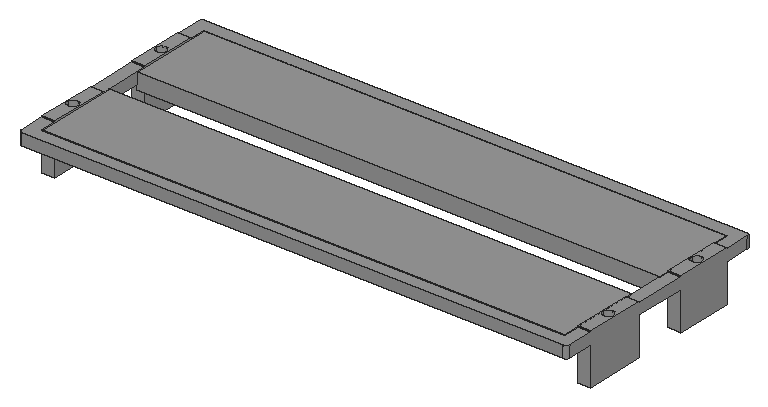
Revit family "Building-SurfaceMountingEnclosures-GEWISS-46-PANELS_MSS", category Attrezzatura elettrica, Revit 2016
Family settings
  Configurazione quadro = Due colonne, circuiti in orizzontale
  Tipo di parte = Pannello comandi
  Quota connettore circolare = Usa diametro
  Numero OmniClass = 23.80.30.11.17
  Titolo OmniClass = Distribution Boards and Control Panels
  Basato su piano di lavoro = Sì
  Sempre verticale = No
  Taglio con vuoti quando caricato = No
  Condiviso = No
  Punto di calcolo locali = Sì
Parameters (values of type "GW46579F - KIT MSS 250 FOR BOARDS SIZE 7")
  Version file RFA = "18.0"
  URL = "https://www.gewiss.com/ww/en"
  Technical sheet = "https://www.gewiss.com/ww/en/search?q=GW46579F"
  Suitable for: = "46QP - 46QM - 46QX"
  SEO = "MCCB kit"
  Realized by GEWISS S.p.A. = ""
  Default Elevation = 1219.2 mm
  Produttore = "GEWISS S.p.A."
  Pannello = GEWISS - GRIGIO RAL 7035
  Offset pannello [instance] = 100 mm
  Modello = "GW46579F"
  Mains Type = ""
  Lunghezza pannello = 718 mm
  Spessore pannello = 15 mm  # constant formula
  Immagine tipo = GW46579F.jpg
  IFC.TypeObject = ""
  IFC.ExportType = ""
  IFC.ExportAs = ""
  IDT = "c0baf993-042a-42f3-b3ec-fa4fad58d9fa"
  IDF = "64129155-c4d3-403a-96f6-fc40d4388d86"
  Height = "2 Modules"
  H_pannello = 300 mm  # constant formula
  H_da terra [instance] = 140.83 mm
  GEWISS SCHEDA TECNICA = "http://pro.gewiss.com/irj/portal/?NavigationTarget=pcd:portal_content/com.gewiss.ZPPFDMain/com.gewiss.ZPPFDITMain/com.gewiss.ZPPFDITMainDefault/com.gewiss.ZPPFDITPages/com.gewiss.ZPPFDITPagesAP/com.gewiss.ZPPFDITPagesAPCatalogo/com.gewiss.ZPPPDITAPProductDetail&codProd=GW46579F"
  For standard boards (mm) = "800"
  Equipment fixing = "on plate"
  Electrocod = "0303"
  EAN code = "8011564284449"
  Disconnector Type = "MSS 250"
  Descrizione = "KIT MSS 250 FOR BOARDS SIZE 7"
  Colour = "Grey RAL 7035"
  Catalogue Range = "46 QP"
  Catalogue = "BUILDING"
  COBie.Tagnumber = ""
  COBie.CreatedOn = ""
  COBie.CreatebBy = ""
  COBie.ComponentRegisterItemID = ""
  COBie.Component.TagNumber = ""
  COBie.Component.Space = ""
  COBie.Component.SerialNumber = ""
  COBie.Component.InstallationDate = ""
  COBie.Component.Description = ""
  COBie.Component.BarCode = ""
  Accessories supplied = "Fixing accessories"
Types (3, lengths in mm): name | Technical sheet | Offset pannello | Modello | Lunghezza pannello | Immagine tipo | IDT | GEWISS SCHEDA TECNICA | For standard boards (mm) | EAN code | Descrizione
  GW46577F - KIT MSS 250 FOR BOARDS SIZE 5 | "https://www.gewiss.com/ww/en/search?q=GW46577F" | 379.83 | "GW46577F" | 466 | GW46577F.jpg | "fe802041-dfee-42bf-882c-c1cc0511c87c" | "http://pro.gewiss.com/irj/portal/?NavigationTarget=pcd:portal_content/com.gewiss.ZPPFDMain/com.gewiss.ZPPFDITMain/com.gewiss.ZPPFDITMainDefault/com.gewiss.ZPPFDITPages/com.gewiss.ZPPFDITPagesAP/com.gewiss.ZPPFDITPagesAPCatalogo/com.gewiss.ZPPPDITAPProductDetail&codProd=GW46577F" | "515" | "8011564284425" | "KIT MSS 250 FOR BOARDS SIZE 5"
  GW46578F - KIT MSS 250 FOR BOARDS SIZE 6 | "https://www.gewiss.com/ww/en/search?q=GW46578F" | 379.83 | "GW46578F" | 538 | GW46578F.jpg | "17fff974-71ac-4595-84ff-3c51ccbd2653" | "http://pro.gewiss.com/irj/portal/?NavigationTarget=pcd:portal_content/com.gewiss.ZPPFDMain/com.gewiss.ZPPFDITMain/com.gewiss.ZPPFDITMainDefault/com.gewiss.ZPPFDITPages/com.gewiss.ZPPFDITPagesAP/com.gewiss.ZPPFDITPagesAPCatalogo/com.gewiss.ZPPPDITAPProductDetail&codProd=GW46578F" | "585" | "8011564284432" | "KIT MSS 250 FOR BOARDS SIZE 6"
  GW46579F - KIT MSS 250 FOR BOARDS SIZE 7 | "https://www.gewiss.com/ww/en/search?q=GW46579F" | 100 | "GW46579F" | 718 | GW46579F.jpg | "c0baf993-042a-42f3-b3ec-fa4fad58d9fa" | "http://pro.gewiss.com/irj/portal/?NavigationTarget=pcd:portal_content/com.gewiss.ZPPFDMain/com.gewiss.ZPPFDITMain/com.gewiss.ZPPFDITMainDefault/com.gewiss.ZPPFDITPages/com.gewiss.ZPPFDITPagesAP/com.gewiss.ZPPFDITPagesAPCatalogo/com.gewiss.ZPPPDITAPProductDetail&codProd=GW46579F" | "800" | "8011564284449" | "KIT MSS 250 FOR BOARDS SIZE 7"
Reference planes
  plane 1 "Centro (Fronte/Retro)": z = 371.33
  plane 2: z = 0
  plane 3 "Centro (Sinistra/Destra)": x = 0
  plane 4: x = -359
  plane 5: x = 359
  plane 6: z = 84
  plane 7: z = 99
  plane 8: y = 184.5
  plane 9: y = -115.5
  plane 10: x = -341.956
  plane 11: y = -98.315
  plane 12: y = 167.315
  plane 13: x = 341.956
  plane 14: y = 57.5
  plane 15: y = 11.5
  plane 16: y = -76.5
  plane 17: y = 2.5
  plane 18: y = 145.5
  plane 19: y = 70.5
  plane 20: z = 100
  plane 21: z = 34
  plane 22: y = -37
  plane 23: y = 108
  plane 24: x = -350.478
  plane 25: x = 350.478
Forms (mm)
  Extrusion 1, solid, material "GEWISS - GRIGIO RAL 7035" <- "Pannello"
    sketch origin (0, 0, 371.33) x (1, 0, 0) y (0, 1, 0)
      loop
        arc (-354, 184.5) -> (-357.536, 183.036) -> (-359, 179.5) r 5
        line (-359, 179.5) -> (-359, -110.5)
        arc (-359, -110.5) -> (-357.536, -114.036) -> (-354, -115.5) r 5
        line (-354, -115.5) -> (354, -115.5)
        arc (354, -115.5) -> (357.536, -114.036) -> (359, -110.5) r 5
        line (359, -110.5) -> (359, 179.5)
        arc (359, 179.5) -> (357.536, 183.036) -> (354, 184.5) r 5
        line (354, 184.5) -> (-354, 184.5)
      loop
        line (-341.956, 167.315) -> (-341.956, -98.315) -> (341.956, -98.315) -> (341.956, 167.315) -> (-341.956, 167.315)
    from -287.33 to -272.33
  Extrusion 2, solid, material "GEWISS - GRIGIO RAL 7035" <- "Pannello"
    sketch origin (0, 0, 371.33) x (1, 0, 0) y (0, 1, 0)
      loop
        line (-341.956, 167.315) -> (-341.956, 57.5) -> (341.956, 57.5) -> (341.956, 167.315) -> (-341.956, 167.315)
      loop
        line (-341.956, 11.5) -> (-341.956, -98.315) -> (341.956, -98.315) -> (341.956, 11.5) -> (-341.956, 11.5)
    from -272.33 to -293.398
  Extrusion 3, solid, material "GEWISS - GRIGIO RAL 7035" <- "Pannello"
    sketch origin (0, 0, 371.33) x (1, 0, 0) y (0, 1, 0)
      loop
        line (-359, 145.5) -> (-359, 70.5) -> (-341.956, 70.5) -> (-341.956, 145.5) -> (-359, 145.5)
      loop
        line (-359, 2.5) -> (-359, -76.5) -> (-341.956, -76.5) -> (-341.956, 2.5) -> (-359, 2.5)
      loop
        line (341.956, 145.5) -> (341.956, 70.5) -> (359, 70.5) -> (359, 145.5) -> (341.956, 145.5)
      loop
        line (341.956, 2.5) -> (341.956, -76.5) -> (359, -76.5) -> (359, 2.5) -> (341.956, 2.5)
    from -337.33 to -271.33
  Extrusion 4, void
    sketch origin (0, 0, 371.33) x (1, 0, 0) y (0, 1, 0)
      loop
        circle (-350.478, -37) r 6.99
      loop
        circle (350.478, -37) r 6.99
      loop
        circle (-350.478, 108) r 6.99
      loop
        circle (350.478, 108) r 6.99
    from -337.33 to -271.33
Cuts and joins
  Extrusion 4 cuts Extrusion 1
  Extrusion 4 cuts Extrusion 3
  joined: Extrusion 1, Extrusion 3
Dimensions and locks
  equal spacing: plane 4, plane 3 "Centro (Sinistra/Destra)", plane 5
  "Lunghezza pannello": plane 4 to plane 5
  locked: plane 10 to plane 4 at 17.044
  locked: plane 5 to plane 13 at 17.044
  equal spacing: plane 10, plane 24, plane 4
  equal spacing: plane 5, plane 25, plane 13
  locked: plane 21 to plane 20 at 66
  "Offset pannello": plane 2 to plane 20
  locked: plane 6 to plane 7 at 15
  locked: plane 21 to plane 6 at 50
  locked: Extrusion 2 to cut or joined group of Extrusion 1, Extrusion 3, Extrusion 4 at 6.068
  aligned and locked: level to plane 2
  aligned and locked: plane 4 to Extrusion 1 sketch curve
  aligned and locked: Extrusion 1 sketch curve to plane 5
  aligned and locked: Extrusion 1 sketch curve to plane 8
  aligned and locked: plane 9 to Extrusion 1 sketch curve
  aligned and locked: Extrusion 1 sketch curve to plane 11
  aligned and locked: Extrusion 1 sketch curve to plane 13
  aligned and locked: Extrusion 1 sketch curve to plane 12
  aligned and locked: plane 10 to Extrusion 1 sketch curve
  aligned and locked: Extrusion 1 to plane 6
  aligned and locked: plane 7 to Extrusion 1
  aligned and locked: Extrusion 2 sketch curve to plane 12
  aligned and locked: plane 10 to Extrusion 2 sketch curve  (x2)
  aligned and locked: Extrusion 2 sketch curve to plane 13  (x2)
  aligned and locked: Extrusion 2 sketch curve to plane 11
  aligned and locked: Extrusion 2 to plane 15
  aligned and locked: plane 14 to Extrusion 2
  aligned and locked: plane 19 to Extrusion 3 sketch curve  (x2)
  aligned and locked: Extrusion 3 sketch curve to plane 18  (x2)
  aligned and locked: Extrusion 3 sketch curve to plane 17  (x2)
  aligned and locked: plane 16 to Extrusion 3 sketch curve  (x2)
  aligned and locked: plane 4 to Extrusion 3 sketch curve  (x2)
  aligned and locked: Extrusion 3 sketch curve to plane 5  (x2)
  aligned and locked: Extrusion 3 sketch curve to Extrusion 1  (x4)
  aligned and locked: plane 20 to Extrusion 3
  aligned and locked: Extrusion 3 to plane 21
  aligned and locked: cut or joined group of Extrusion 1, Extrusion 3, Extrusion 4 to plane 13
  aligned and locked: cut or joined group of Extrusion 1, Extrusion 3, Extrusion 4 to plane 10
  aligned and locked: plane 23 to Extrusion 4 sketch curve  (x2)
  aligned and locked: plane 24 to Extrusion 4 sketch curve  (x2)
  aligned and locked: plane 22 to Extrusion 4 sketch curve  (x2)
  aligned and locked: plane 25 to Extrusion 4 sketch curve  (x2)
  aligned and locked: Extrusion 3 to Extrusion 4
  aligned and locked: plane 20 to Extrusion 4
  aligned and locked: cut or joined group of Extrusion 1, Extrusion 3, Extrusion 4 to Extrusion 2
Automatic sketch dimensions
  plane 24 to Extrusion 1 sketch curve = 3.522 mm  (x2)
  plane 25 to Extrusion 1 sketch curve = 3.522 mm  (x2)
  Extrusion 2 sketch curve to plane 15 = 0 mm
  Extrusion 2 sketch curve to plane 14 = 0 mm
  radius of Extrusion 4 sketch curve = 6.99 mm  (x4)
